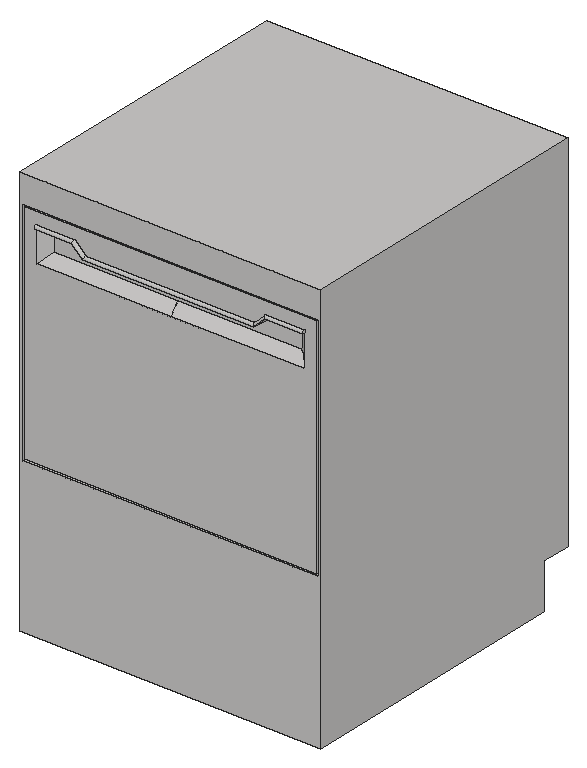
Revit family "QF_ELECTROLUXPROFESSIONAL_502709_ELAI3WP", category Specialty Equipment, Revit 2018
Family settings
  Round Connector Dimension = Use Diameter
  Part Type = Normal
  Work Plane-Based = No
  Always vertical = Yes
  Cut with Voids When Loaded = No
  Shared = No
  Room Calculation Point = No
Parameters
  Weight = 71.00 kg
  Watts = 0 W
  Volts = 0 V
  URL Manufacturer = ""
  URL = "http://professional.electrolux.com/"
  Steam Supply Size = 0 mm
  Steam Supply Minimum Pressure = 0.0 Pa
  Steam Supply Maximum Pressure = 0.0 Pa
  Steam Pounds per Hour = 0
  Show Logo [instance] = yes
  Show Clearance [instance] = yes
  Refrigeration Suction Line Size = 0 mm
  Refrigeration Liquid Line Size = 0 mm
  Refrigerant Compressor Remote = yes
  Manufacturer = ""
  Phase = 0
  Model = ""
  Length Actual = 600 mm  # constant formula
  Item Number = ""
  Hot Water Size = 0 mm
  Height Actual = 820 mm  # constant formula
  HP = "7.2 HP"
  Gas Size = 0 mm
  Gas KW = 0
  Gas Input Pressure = 0 W
  Direct Waste Size = 20.5 mm
  Description = ""
  Depth Actual = 615 mm  # constant formula
  Cycle = 0 Hz
  Condensate Return Size = 0 mm
  Compressed Air Volume = 0.0 L/s
  Compressed Air Size = 0 mm
  Compressed Air Pressure = 0.0 Pa
  Cold Water Size = 0 mm
  Accessory = yes
Types (2, lengths in mm): name | Volts | URL Manufacturer | URL | Manufacturer | Phase | Model | Item Number | Hot Water Size | Description | Cycle
  (no name) | 0 V | "" | "http://professional.electrolux.com/" | "" | 0 | "" | "" | 0 | "" | 0 Hz
  Standard | 400 V | "http://professional.electrolux.com" | "http://professional.electrolux.com" | "Electrolux Professional" | 3 | "ELAI3WP" | "502709" | 19.05 | "UNDERCOUNTER(L), WASH-SAFE, DOUBLE SKIN, 3PH, WS, DP, 720D/H" | 50 Hz
Reference planes
  plane 1 "Center (Front/Back)": y = 0
  plane 2: z = 0
  plane 3 "Center (Left/Right)": x = 0
  plane 4 "LEFT": x = -300
  plane 5 "RIGHT": x = 300
  plane 6 "FRONT": y = -307.5
  plane 7 "BACK": y = 307.5
  plane 8: z = 830
  plane 9: z = 10
  plane 10: y = 268.5
Forms (mm)
  Extrusion 1, solid, material "QF_Finishes_Stainless Steel"
    sketch origin (0, 0, 0) x (1, 0, 0) y (0, 1, 0)
      loop
        line (-300, -307.5) -> (300, -307.5) -> (300, 249.5) -> (-300, 249.5) -> (-300, -307.5)
    from 10 to 830
  Extrusion 2, solid, material "QF_Finishes_Stainless Steel"
    sketch origin (0, 0, 0) x (1, 0, 0) y (0, 1, 0)
      loop
        line (-300, 249.5) -> (300, 249.5) -> (300, 307.5) -> (-300, 307.5) -> (-300, 249.5)
    from 100 to 830
  Extrusion 3, solid, material "QF_Finishes_Stainless Steel"
    sketch origin (0, 0, 0) x (1, 0, 0) y (0, 1, 0)
      loop
        circle (-254, 193.5) r 12.5
      loop
        circle (254, 193.5) r 12.5
      loop
        circle (-254, -237.5) r 12.5
      loop
        circle (254, -237.5) r 12.5
    from 0 to 10
  Extrusion 4, void
    sketch origin (-300, -307.5, 0) x (-1, 0, 0) y (0, 0, 1)
      loop
        line (-5, 773.217) -> (-595, 773.217) -> (-595, 315.188) -> (-5, 315.188) -> (-5, 773.217)
    from 0 to 30
  Extrusion 5, solid, material "QF_Finishes_Stainless Steel"
    sketch origin (-274, -411, 733) x (0, 0, -1) y (1, 0, 0)
      loop
        circle (693, 143) r 10
    from -660.5 to -718.5
  Extrusion 6, solid, material "QF_Door-Drawer Clearances", visible <- "Show Clearance", detail levels coarse
    sketch origin (-230, -282.5, 0) x (0, 1, 0) y (0, 0, -1)
      loop
        line (-25, -319.312) -> (-397, -319.312)
        arc (-397, -319.312) -> (-298.139, -616.581) -> (-25, -770) r 434.302
        line (-25, -770) -> (-25, -319.312)
    from 61.225 to -521.647
  Extrusion 7, solid, material "QF_Finishes_Stainless Steel"
    sketch origin (-331.481, -411, 703) x (0, 0, -1) y (1, 0, 0)
      loop
        circle (663, 252.481) r 8
    from -660.5 to -718.5
  Extrusion 8, solid, material "QF_Finishes_Stainless Steel"
    sketch origin (-230, -282.5, 0) x (0, 1, 0) y (0, 0, -1)
      loop
        line (-25, -319.312) -> (-25, -770) -> (0, -770) -> (0, -319.312) -> (-25, -319.312)
    from 61.225 to -521.647
  Extrusion 9, solid, material "QF_Finishes_Stainless Steel"
    sketch origin (-301, 942.75, 760.5) x (0, -1, 0) y (1, 0, 0)
      loop
        circle (663, 158) r 8
    from -660.5 to -670.5
  Blend 10, void
    base sketch origin (-230, -307.5, 770) x (0, 0, -1) y (1, 0, 0)
      loop
        line (93.563, -37.311) -> (93.563, 230) -> (93.563, 497.311) -> (28.563, 497.311) -> (28.563, 422.311) -> (49.776, 401.098) -> (49.776, 230) -> (49.776, 58.902) -> (28.563, 37.689) -> (28.563, -37.311) -> (93.563, -37.311)
    top sketch origin (-230, -307.5, 770) x (0, 0, -1) y (1, 0, 0)
      loop
        line (73.563, -17.311) -> (73.563, 230) -> (73.563, 477.311) -> (31.063, 477.311) -> (31.063, 422.311) -> (52.276, 401.098) -> (52.276, 58.902) -> (31.063, 37.689) -> (31.063, -17.311) -> (73.563, -17.311)
    from 0 to -19.433
  Sweep 11, solid, material "QF_Finishes_Stainless Steel"
    path origin (-230, -307.5, 770) x (0, 0, -1) y (1, 0, 0)
      loop
        line (28.563, -37.311) -> (28.563, 37.689) -> (49.776, 58.902) -> (49.776, 401.098) -> (28.563, 422.311) -> (28.563, 497.311)
    profile origin (-229.811, -307.5, 741.437) x (0, 0, 1) y (0, -1, 0)
      loop
        line (0, 0) -> (5, 0)
        arc (5, 0) -> (3.536, 3.536) -> (0, 5) r 5
        arc (0, 5) -> (-0.037, 0.962) -> (-0.394, -3.06) r 51.04
        line (-0.394, -3.06) -> (0, 0)
Cuts and joins
  Extrusion 4 cuts Extrusion 1
  joined: Extrusion 1, Extrusion 2
  Blend 10 cuts Extrusion 8
Lines and regions (mm)
  Split face 1
    outline origin (-300, -307.5, 830) x (0, 0, -1) y (1, 0, 0)
      loop
        line (56.783, 5) -> (56.783, 0)
      loop
        line (56.783, 595) -> (56.783, 600)
      loop
        line (37.034, 600) -> (37.034, 514.297)
        arc (37.034, 514.297) -> (37.64, 511.25) -> (39.366, 508.667) r 7.962
        line (39.366, 508.667) -> (44.289, 503.744)
        arc (44.289, 503.744) -> (46.135, 500.982) -> (46.783, 497.723) r 8.515
        line (46.783, 497.723) -> (46.783, 87.277)
        arc (46.783, 87.277) -> (46.135, 84.018) -> (44.289, 81.256) r 8.515
        line (44.289, 81.256) -> (39.366, 76.333)
        arc (39.366, 76.333) -> (37.64, 73.75) -> (37.034, 70.703) r 7.962
        line (37.034, 70.703) -> (37.034, 0)
  Split face 2
    outline origin (-300, -307.5, 830) x (0, 0, -1) y (1, 0, 0)
      loop
        line (13.15, 274.82) -> (37.034, 274.82) -> (37.034, 325.18) -> (13.15, 325.18) -> (13.15, 274.82)
  symbolic lines
    curve 1: line (-300, 307.5, 0) -> (300, 307.5, 0)
    curve 2: line (-300, -307.5, 0) -> (-300, 307.5, 0)
    curve 3: line (300, -307.5, 0) -> (-300, -307.5, 0)
    curve 4: line (300, 307.5, 0) -> (300, -307.5, 0)
  symbolic lines, style "QF_Door-Drawer Clearances"
    curve 5: line (-291.225, -679.5, 0) -> (291.647, -679.5, 0)
    curve 6: line (291.647, -679.5, 0) -> (291.647, -307.5, 0)
    curve 7: line (-291.225, -679.5, 0) -> (-291.225, -307.5, 0)
  symbolic lines, style "SpecialityEquipmentHiddenLines"
    curve 8: line (-300, 249.5, 0) -> (300, 249.5, 0)
Dimensions and locks
  equal spacing: plane 4 "LEFT", plane 3 "Center (Left/Right)", plane 5 "RIGHT"
  equal spacing: plane 7 "BACK", plane 1 "Center (Front/Back)", plane 6 "FRONT"
  plane 7 "BACK" to plane 6 "FRONT" = 615 mm
  plane 4 "LEFT" to plane 5 "RIGHT" = 600 mm
  locked: plane 9 to level at 10
  plane 4 "LEFT" to plane 3 "Center (Left/Right)" = 300 mm
  plane 8 to level = 830 mm  (x2)
  Extrusion 9 sketch curve to plane 4 "LEFT" = 157 mm
  level to Extrusion 5 sketch curve = 40 mm
  Extrusion 5 sketch curve to plane 4 "LEFT" = 169 mm
  Extrusion 7 sketch curve to plane 4 "LEFT" = 221 mm
  level to Extrusion 7 sketch curve = 40 mm
  Extrusion 3 to cut or joined group of Extrusion 1, Extrusion 2, Extrusion 4 = 114 mm
  Extrusion 3 to Extrusion 3 = 431 mm
  plane 6 "FRONT" to Extrusion 3 = 70 mm
  plane 1 "Center (Front/Back)" to plane 6 "FRONT" = 307.5 mm
  locked: plane 7 "BACK" to plane 10 at 39
  plane 7 "BACK" to curve 5 = 987 mm
  Extrusion 8 to cut or joined group of Extrusion 1, Extrusion 2, Extrusion 4 = 454.812 mm
  aligned and locked: level to plane 2
  aligned and locked: Extrusion 1 sketch curve to plane 6 "FRONT"
  aligned and locked: Extrusion 1 sketch curve to plane 4 "LEFT"
  aligned and locked: plane 5 "RIGHT" to Extrusion 1 sketch curve
  aligned and locked: Extrusion 1 to plane 9
  aligned and locked: Extrusion 2 sketch curve to Extrusion 1
  aligned and locked: plane 7 "BACK" to Extrusion 2 sketch curve
  aligned and locked: plane 5 "RIGHT" to Extrusion 2 sketch curve
  aligned and locked: plane 9 to Extrusion 3
Automatic sketch dimensions
  Extrusion 1 sketch curve to plane 10 = 19 mm
  Extrusion 2 sketch curve to plane 10 = 19 mm
  plane 4 "LEFT" to Extrusion 3 sketch curve = 46 mm  (x2)
  Extrusion 3 sketch curve to plane 5 "RIGHT" = 46 mm  (x2)
  plane 6 "FRONT" to Extrusion 3 sketch curve = 70 mm  (x2)
  Extrusion 3 sketch curve to plane 10 = 75 mm  (x2)
  Extrusion 4 sketch curve to Extrusion 1 = 5 mm  (x2)
  Extrusion 4 sketch curve to Extrusion 1 = 305.188 mm
  Extrusion 4 sketch curve to Extrusion 1 = 56.783 mm
  Extrusion 8 sketch curve to plane 6 "FRONT" = 0 mm
  Extrusion 8 sketch curve to Extrusion 8 sketch curve = 25 mm
  Extrusion 8 sketch curve to plane 8 = 60 mm
  plane 9 to Extrusion 8 sketch curve = 309.312 mm
  cut or joined group of Extrusion 1, Extrusion 2, Extrusion 4 to Split face 1 sketch curve = 0 mm  (x2)
  Split face 1 sketch curve to cut or joined group of Extrusion 1, Extrusion 2, Extrusion 4 = 0 mm  (x6)
  cut or joined group of Extrusion 1, Extrusion 2, Extrusion 4 to Split face 1 sketch curve = 10 mm
  Split face 1 sketch curve to Split face 1 sketch curve = 2.494 mm  (x2)
  Split face 1 sketch curve to Split face 1 sketch curve = 8.515 mm  (x2)
  cut or joined group of Extrusion 1, Extrusion 2, Extrusion 4 to Split face 1 sketch curve = 11.786 mm  (x2)
  Split face 1 sketch curve to Split face 1 sketch curve = 5.63 mm  (x2)
  Split face 1 sketch curve to Split face 1 sketch curve = 2.332 mm  (x2)
  Split face 1 sketch curve to cut or joined group of Extrusion 1, Extrusion 2, Extrusion 4 = 65.703 mm
  Split face 1 sketch curve to Split face 1 sketch curve = 4.923 mm  (x2)
  Split face 1 sketch curve to cut or joined group of Extrusion 1, Extrusion 2, Extrusion 4 = 97.277 mm
  Split face 2 sketch curve to cut or joined group of Extrusion 1, Extrusion 2, Extrusion 4 = 13.15 mm
  cut or joined group of Extrusion 1, Extrusion 2, Extrusion 4 to Split face 2 sketch curve = 19.749 mm
  Split face 2 sketch curve to cut or joined group of Extrusion 1, Extrusion 2, Extrusion 4 = 269.82 mm
  Split face 2 sketch curve to Split face 2 sketch curve = 50.359 mm
  curve 1 to plane 4 "LEFT" = 0 mm
  curve 7 to plane 6 "FRONT" = 0 mm
  curve 4 to plane 5 "RIGHT" = 0 mm
  curve 8 to plane 10 = 19 mm
  curve 2 to plane 7 "BACK" = 0 mm
  plane 4 "LEFT" to curve 5 = 8.775 mm
  curve 6 to plane 5 "RIGHT" = 8.353 mm
  Extrusion 6 sketch curve to plane 6 "FRONT" = 0 mm
  plane 6 "FRONT" to Extrusion 6 sketch curve = 61.803 mm
  plane 9 to Extrusion 6 sketch curve = 330.118 mm
  Extrusion 6 sketch curve to Extrusion 6 sketch curve = 20.806 mm
  Extrusion 6 sketch curve to plane 6 "FRONT" = 372 mm
  Blend 10 sketch curve to Extrusion 8 = 28.563 mm  (x2)
  Blend 10 sketch curve to Extrusion 8 = 49.776 mm
  Blend 10 sketch curve to Blend 10 sketch curve = 65 mm
  Extrusion 8 to Blend 10 sketch curve = 23.913 mm
  Blend 10 sketch curve to Blend 10 sketch curve = 75 mm  (x2)
  Blend 10 sketch curve to Blend 10 sketch curve = 21.213 mm  (x5)
  Blend 10 sketch curve to Blend 10 sketch curve = 171.098 mm  (x2)
  Blend 10 sketch curve to Blend 10 sketch curve = 0 mm
  Extrusion 8 to Blend 10 sketch curve = 120.549 mm
  Extrusion 8 to Blend 10 sketch curve = 99.335 mm
  Extrusion 8 to Blend 10 sketch curve = 43.913 mm
  Blend 10 sketch curve to Blend 10 sketch curve = 42.5 mm
  Extrusion 8 to Blend 10 sketch curve = 44.335 mm
  Blend 10 sketch curve to Blend 10 sketch curve = 55 mm  (x2)
  Blend 10 sketch curve to Extrusion 8 = 31.063 mm
  Extrusion 8 to Sweep 11 sketch curve = 98.913 mm
  Sweep 11 sketch curve to Sweep 11 sketch curve = 21.213 mm  (x4)
  Extrusion 8 to Sweep 11 sketch curve = 23.913 mm
  Sweep 11 sketch curve to Extrusion 8 = 28.563 mm
  Extrusion 8 to Sweep 11 sketch curve = 99.335 mm
  Extrusion 8 to Sweep 11 sketch curve = 24.335 mm
  profile plane to Sweep 11 sketch curve = 0 mm  (x2)
  Sweep 11 sketch curve to profile plane = 0 mm
  profile plane to Sweep 11 sketch curve = 3.452 mm
  Sweep 11 sketch curve to Sweep 11 sketch curve = 5 mm
  profile plane to Sweep 11 sketch curve = 0.394 mm
  Sweep 11 sketch curve to profile plane = 3.06 mm
  plane 10 to Extrusion 9 sketch curve = 11.25 mm
  radius of Extrusion 3 sketch curve = 12.5 mm  (x4)
  radius of Extrusion 5 sketch curve = 10 mm
  radius of Extrusion 7 sketch curve = 8 mm
  radius of Extrusion 9 sketch curve = 8 mm
Connectors
  piping at (-131, 307.5, 40), diameter 20
    settings: on Extrusion 5, index 1, connector inside diameter 609.6 mm, connector length 0 mm, flow factor 0, pipe flow 0.0 L/s, pressure drop 0.0 Pa, fitting loss kfactor 0, connector angle 0.00°, fixture units 0, engagement length 0 mm, angle of deflection 0.00°, flow configuration 1, flow direction 1, fitting loss method 0, system type 16, joint type 0, gender type 0, connector reference index -1, connector utility 0, adjustable connector no, is connector primary yes, connector description "Drain"
  piping at (-79, 307.5, 40), diameter 16
    settings: on Extrusion 7, index 3, connector inside diameter 609.6 mm, connector length 0 mm, flow factor 0, pipe flow 0.0 L/s, pressure drop 0.0 Pa, fitting loss kfactor 0, connector angle 0.00°, fixture units 0, engagement length 0 mm, angle of deflection 0.00°, flow configuration 1, flow direction 1, fitting loss method 0, system type 20, joint type 0, gender type 0, connector reference index -1, connector utility 0, adjustable connector no, is connector primary no, connector description "Cold Water Inlet"
  electrical at (-143, 279.75, 90), driven by "Volts"
    settings: on Extrusion 9, index 4, voltage 0 V, apparent load 0 VA, apparent load phase1 0 VA, apparent load phase2 0 VA, apparent load phase3 0 VA, power factor 1, load classification "Altro", number of poles 1, system type 31, power factor state 1, is connector primary yes, connector utility no, sub classification motor no, connector description "Electrical Connection"
